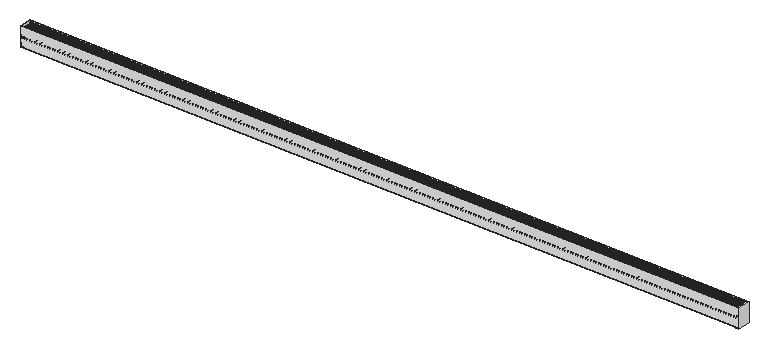
Revit family "STH21974BR_27_STH21974PTO_27", category Luminárias, Revit 2023
Family settings
  Hospedeiro = Forro
  Cota do conector redondo = Utilizar diâmetro
  Tipo de parte = Normal
  Número OmniClass = 23.80.70.11
  Título OmniClass = Luminaries for Internal Lighting
  Sempre na vertical = Sim
  Corte com vazios quando carregada = Não
  Fonte luminosa = Não
  Manter orientação da anotação = Não
  Compartilhado = Não
  Ponto de cálculo do ambiente = Não
Parameters (values of type "STH21974BR/27 - BRANCO - 2m - 2700K - 1700lm - 80°")
  Ângulo de Abertura = "80°"
  URL = "https://stella.com.br/"
  Tensão Elétrica = "24V"
  Temperatura da cor (K) = 2700 K
  Referência = "STH21974BR/27 - BRANCO - 2m"
  Potência = 46 W
  Modelo = "Archi"
  Luminoso = Luminoso - 2700K
  Largura = 0.035 m
  IRC (Índice de reprodução de cores) = ">93 (R9 >60)"
  Grau de proteção (IP) = "IP20"
  Fluxo Luminoso STH21974PTO/27 = no
  Fluxo Luminoso STH21974BR/27 = yes
  Fluxo Luminoso = 1700 lm
  Fabricante = "Stella"
  Estrutura = Al - Branco
  Elevação padrão = 0.00 m
  Dimerização = "Não dimerizável"
  Comprimento = 2.009 m
  Altura = 0.052 m
Types (3, lengths in m): name | Referência | Potência | IRC (Índice de reprodução de cores) | Fluxo Luminoso STH21974PTO/27 | Fluxo Luminoso STH21974BR/27 | Fluxo Luminoso | Estrutura
  (no name) | "STH21974BR/27 - BRANCO - 2m" | 46 W | ">93 (R9 >60)" | no | yes | 1700 lm | Al - Branco
  STH21974BR/27 - BRANCO - 2m - 2700K - 1700lm - 80° | "STH21974BR/27 - BRANCO - 2m" | 46 W | ">93 (R9 >60)" | no | yes | 1700 lm | Al - Branco
  STH21974PTO/27 - PRETO - 2m - 2700K - 1100lm - 80° | "STH21974PTO/27 - PRETO - 2m" | 56 W | ">93 (R9 >60)\r\n\r\n>93 (R9 >60)\r\n\r\n>93 (R9 >60)" | yes | no | 1100 lm | Al - Preto
Reference planes (m)
  plane 1 "Eixo de origem da luz (F/T)": y = 0
  plane 2 "Forro": z = 2.4384
  plane 3 "Eixo de origem da luz (E/D)": x = 0
  plane 4 "Elevação da origem da luz": z = 2.38298
  plane 5: y = 0.0175
  plane 6: y = -0.0175
  plane 7: x = -1.0045
  plane 8: x = 1.0045
  plane 9 "Inferior": z = 2.3864
  plane 10 "Superior": z = 2.4384
  plane 11 "Conector": z = 2.4079
Forms (m)
  Extrusion 1, solid, material "Al - Branco" <- "Estrutura"
    sketch origin (0, 0.05, -0.051) x (0, 1, 0) y (0, 0, 1)
      loop
        line (-0.057, 2.4865) -> (-0.057, 2.4824) -> (-0.0657, 2.4824) -> (-0.0657, 2.4851) -> (-0.064617, 2.4851)
        arc (-0.064617, 2.4851) -> (-0.064195, 2.485209) -> (-0.064, 2.4856) r 0.000526
        line (-0.064, 2.4856) -> (-0.0649, 2.4865) -> (-0.0657, 2.4865) -> (-0.0657, 2.4894) -> (-0.0675, 2.4894) -> (-0.0675, 2.437816)
        spline (-0.0675, 2.437816) -> (-0.067483, 2.437708) -> (-0.067433, 2.437608) -> (-0.067353, 2.437522) -> (-0.067249, 2.437456) -> (-0.067129, 2.437414) -> (-0.066999, 2.4374) -> (-0.066869, 2.437414) -> (-0.066748, 2.437456) -> (-0.066644, 2.437522) -> (-0.066565, 2.437608) -> (-0.066515, 2.437708) -> (-0.066498, 2.437816)
        arc (-0.066498, 2.437816) -> (-0.066249, 2.448427) -> (-0.065502, 2.459016) r 0.226065
        line (-0.065502, 2.459016) -> (-0.065502, 2.4599) -> (-0.064569, 2.4599) -> (-0.063948, 2.460459) -> (-0.063948, 2.461259) -> (-0.064708, 2.461943) -> (-0.065726, 2.461943) -> (-0.065726, 2.463897) -> (-0.062675, 2.463897) -> (-0.062675, 2.465043)
        arc (-0.062675, 2.465043) -> (-0.06299, 2.465508) -> (-0.063539, 2.465386) r 0.0005
        arc (-0.063539, 2.465386) -> (-0.065939, 2.466123) -> (-0.063894, 2.467579) r 0.0014
        arc (-0.063894, 2.467579) -> (-0.063198, 2.46782) -> (-0.063426, 2.46852) r 0.000525
        arc (-0.063426, 2.46852) -> (-0.064251, 2.468777) -> (-0.065115, 2.468732) r 0.00245
        arc (-0.065115, 2.468732) -> (-0.06554, 2.468851) -> (-0.065726, 2.469252) r 0.000526
        line (-0.065726, 2.469252) -> (-0.065726, 2.4807) -> (-0.034274, 2.4807) -> (-0.034274, 2.469252)
        arc (-0.034274, 2.469252) -> (-0.03446, 2.468851) -> (-0.034885, 2.468732) r 0.000526
        arc (-0.034885, 2.468732) -> (-0.035749, 2.468777) -> (-0.036574, 2.46852) r 0.00245
        arc (-0.036574, 2.46852) -> (-0.036802, 2.46782) -> (-0.036106, 2.467579) r 0.000525
        arc (-0.036106, 2.467579) -> (-0.034061, 2.466123) -> (-0.036461, 2.465386) r 0.0014
        arc (-0.036461, 2.465386) -> (-0.03701, 2.465508) -> (-0.037325, 2.465043) r 0.0005
        line (-0.037325, 2.465043) -> (-0.037325, 2.463897) -> (-0.034274, 2.463897) -> (-0.034274, 2.461943) -> (-0.035292, 2.461943) -> (-0.036052, 2.461259) -> (-0.036052, 2.460459) -> (-0.035431, 2.4599) -> (-0.034498, 2.4599) -> (-0.034498, 2.459016)
        arc (-0.034498, 2.459016) -> (-0.033751, 2.448427) -> (-0.033502, 2.437816) r 0.226065
        spline (-0.033502, 2.437816) -> (-0.033485, 2.437708) -> (-0.033435, 2.437608) -> (-0.033356, 2.437522) -> (-0.033252, 2.437456) -> (-0.033131, 2.437414) -> (-0.033001, 2.4374) -> (-0.032871, 2.437414) -> (-0.032751, 2.437456) -> (-0.032647, 2.437522) -> (-0.032567, 2.437608) -> (-0.032517, 2.437708) -> (-0.0325, 2.437816)
        line (-0.0325, 2.437816) -> (-0.0325, 2.4894) -> (-0.0343, 2.4894) -> (-0.0343, 2.4865) -> (-0.0351, 2.4865) -> (-0.036, 2.4856)
        arc (-0.036, 2.4856) -> (-0.035805, 2.485209) -> (-0.035383, 2.4851) r 0.000526
        line (-0.035383, 2.4851) -> (-0.0343, 2.4851) -> (-0.0343, 2.4824) -> (-0.043, 2.4824) -> (-0.043, 2.4865) -> (-0.047, 2.4865) -> (-0.047, 2.4851) -> (-0.0448, 2.4851) -> (-0.0448, 2.4824) -> (-0.0552, 2.4824) -> (-0.0552, 2.4851) -> (-0.053, 2.4851) -> (-0.053, 2.4865) -> (-0.057, 2.4865)
    from -1.006 to 1.006
  Extrusion 2, solid, material "Al - Branco" <- "Estrutura"
    sketch origin (0, 0.05, -0.051) x (0, 1, 0) y (0, 0, 1)
      loop
        line (-0.0675, 2.4894) -> (-0.0675, 2.4374) -> (-0.0325, 2.4374) -> (-0.0325, 2.4894) -> (-0.0675, 2.4894)
    from 1.006 to 1.0075
  Extrusion 3, solid, material "Al - Branco" <- "Estrutura"
    sketch origin (0, 0.05, -0.051) x (0, 1, 0) y (0, 0, -1)
      loop
        line (-0.0675, -2.4894) -> (-0.0325, -2.4894) -> (-0.0325, -2.4374) -> (-0.0675, -2.4374) -> (-0.0675, -2.4894)
    from 1.006 to 1.0075
  Extrusion 4, solid, material "Luminoso - 2700K" <- "Luminoso"
    sketch origin (0, -0.035001, -0.026899) x (0, 1, 0) y (0, 0, 1)
      loop
        spline (0.050178, 2.434799) -> (0.050242, 2.434816) -> (0.050302, 2.434866) -> (0.050353, 2.434946) -> (0.050392, 2.435049) -> (0.050417, 2.43517) -> (0.050425, 2.435299) -> (0.050417, 2.435429) -> (0.050392, 2.435549) -> (0.050353, 2.435653) -> (0.050302, 2.435732) -> (0.050242, 2.435782) -> (0.050178, 2.435799)
        line (0.050178, 2.435799) -> (0.048899, 2.435799) -> (0.048899, 2.436798)
        arc (0.048899, 2.436798) -> (0.048978, 2.437198) -> (0.049222, 2.437525) r 0.000926
        arc (0.049222, 2.437525) -> (0.049517, 2.43814) -> (0.049459, 2.43882) r 0.0013
        arc (0.049459, 2.43882) -> (0.049267, 2.439195) -> (0.048989, 2.439511) r 0.001706
        arc (0.048989, 2.439511) -> (0.048434, 2.439666) -> (0.048101, 2.439195) r 0.0005
        spline (0.048101, 2.439195) -> (0.048182, 2.438919) -> (0.04831, 2.43876) -> (0.048398, 2.43866) -> (0.048476, 2.438566) -> (0.048535, 2.438436) -> (0.048528, 2.438294) -> (0.048453, 2.438172) -> (0.04836, 2.438073) -> (0.048261, 2.437981) -> (0.048139, 2.437871) -> (0.047974, 2.437708) -> (0.047899, 2.437506)
        line (0.047899, 2.437506) -> (0.047899, 2.435799) -> (0.022103, 2.435799) -> (0.022103, 2.437506)
        spline (0.022103, 2.437506) -> (0.022028, 2.437708) -> (0.021863, 2.437871) -> (0.021741, 2.437981) -> (0.021642, 2.438073) -> (0.02155, 2.438172) -> (0.021474, 2.438294) -> (0.021467, 2.438436) -> (0.021526, 2.438566) -> (0.021604, 2.43866) -> (0.021692, 2.43876) -> (0.02182, 2.438919) -> (0.021901, 2.439195)
        arc (0.021901, 2.439195) -> (0.021568, 2.439666) -> (0.021013, 2.439511) r 0.0005
        arc (0.021013, 2.439511) -> (0.020735, 2.439195) -> (0.020543, 2.43882) r 0.001706
        arc (0.020543, 2.43882) -> (0.020485, 2.43814) -> (0.02078, 2.437525) r 0.0013
        arc (0.02078, 2.437525) -> (0.021024, 2.437198) -> (0.021103, 2.436798) r 0.000926
        line (0.021103, 2.436798) -> (0.021103, 2.435799) -> (0.019824, 2.435799)
        spline (0.019824, 2.435799) -> (0.01976, 2.435782) -> (0.0197, 2.435732) -> (0.019649, 2.435653) -> (0.01961, 2.435549) -> (0.019585, 2.435429) -> (0.019577, 2.435299) -> (0.019585, 2.43517) -> (0.01961, 2.435049) -> (0.019649, 2.434946) -> (0.0197, 2.434866) -> (0.01976, 2.434816) -> (0.019824, 2.434799)
        line (0.019824, 2.434799) -> (0.050178, 2.434799)
    from -1.006 to 1.006
Cuts and joins
  joined: Extrusion 1, Extrusion 2, Extrusion 3
Dimensions and locks (m)
  equal spacing: host sketch curve, plane 3 "Eixo de origem da luz (E/D)", host sketch curve
  equal spacing: host sketch curve, plane 1 "Eixo de origem da luz (F/T)", host sketch curve
  host sketch curve to host sketch curve = 2.025 m
  host sketch curve to host sketch curve = 0.047 m
  "Altura": plane 10 "Superior" to plane 9 "Inferior"
  "Comprimento": plane 7 to plane 8
  "Largura": plane 5 to plane 6
  aligned and locked: cut or joined group of Extrusion 1, Extrusion 2, Extrusion 3 to cut or joined group of Extrusion 1, Extrusion 2, Extrusion 3  (x2)
  aligned and locked: Extrusion 4 to cut or joined group of Extrusion 1, Extrusion 2, Extrusion 3  (x2)
Automatic sketch dimensions
  Extrusion 2 sketch curve to plane 2 "Forro" = 0.052 m
  Extrusion 2 sketch curve to plane 10 "Superior" = 0.00 m
  plane 1 "Eixo de origem da luz (F/T)" to Extrusion 2 sketch curve = 0.0175 m
  Extrusion 2 sketch curve to plane 1 "Eixo de origem da luz (F/T)" = 0.0175 m
  Extrusion 3 sketch curve to plane 2 "Forro" = 0.052 m
  Extrusion 3 sketch curve to plane 10 "Superior" = 0.00 m
  plane 1 "Eixo de origem da luz (F/T)" to Extrusion 3 sketch curve = 0.0175 m
  Extrusion 3 sketch curve to plane 1 "Eixo de origem da luz (F/T)" = 0.0175 m
  plane 6 to Extrusion 4 sketch curve = 0.002323 m
  Extrusion 4 sketch curve to Extrusion 4 sketch curve = 0.000354 m  (x2)
  Extrusion 4 sketch curve to Extrusion 4 sketch curve = 0.00128 m
  Extrusion 4 sketch curve to Extrusion 4 sketch curve = 0.000297 m
  Extrusion 4 sketch curve to Extrusion 4 sketch curve = 0.000363 m
  Extrusion 4 sketch curve to Extrusion 4 sketch curve = 0.0005 m  (x2)
  Extrusion 4 sketch curve to Extrusion 4 sketch curve = 0.000339 m
  Extrusion 4 sketch curve to Extrusion 4 sketch curve = 0.000381 m  (x2)
  Extrusion 4 sketch curve to plane 5 = 0.004645 m
  Extrusion 4 sketch curve to Extrusion 4 sketch curve = 0.000042 m
  Extrusion 4 sketch curve to Extrusion 4 sketch curve = 0.000245 m
  Extrusion 4 sketch curve to Extrusion 4 sketch curve = 0.001 m  (x3)
  Extrusion 4 sketch curve to Extrusion 4 sketch curve = 0.000925 m
  Extrusion 4 sketch curve to Extrusion 4 sketch curve = 0.00 m  (x2)
  Extrusion 4 sketch curve to Extrusion 4 sketch curve = 0.000998 m  (x2)
  Extrusion 4 sketch curve to Extrusion 4 sketch curve = 0.000024 m  (x2)
  Extrusion 4 sketch curve to Extrusion 4 sketch curve = 0.000709 m  (x2)
  Extrusion 4 sketch curve to Extrusion 4 sketch curve = 0.000729 m  (x2)
  Extrusion 4 sketch curve to Extrusion 4 sketch curve = 0.000139 m  (x2)
  Extrusion 4 sketch curve to Extrusion 4 sketch curve = 0.000821 m  (x2)
  Extrusion 4 sketch curve to Extrusion 4 sketch curve = 0.000858 m
  Extrusion 4 sketch curve to Extrusion 4 sketch curve = 0.000388 m
  Extrusion 4 sketch curve to Extrusion 4 sketch curve = 0.000323 m
  Extrusion 1 sketch curve to Extrusion 1 sketch curve = 0.00 m  (x10)
  Extrusion 1 sketch curve to plane 6 = 0.00 m
  Extrusion 1 sketch curve to plane 5 = 0.00 m
  plane 9 "Inferior" to Extrusion 1 sketch curve = 0.000421 m  (x2)
  Extrusion 1 sketch curve to plane 6 = 0.192067 m
  plane 6 to Extrusion 1 sketch curve = 0.001774 m  (x2)
  plane 6 to Extrusion 1 sketch curve = 0.0018 m
  Extrusion 1 sketch curve to Extrusion 1 sketch curve = 0.000026 m  (x2)
  plane 6 to Extrusion 1 sketch curve = 0.001998 m
  Extrusion 1 sketch curve to Extrusion 1 sketch curve = 0.000526 m  (x3)
  Extrusion 1 sketch curve to Extrusion 1 sketch curve = 0.0008 m  (x2)
  Extrusion 1 sketch curve to Extrusion 1 sketch curve = 0.001018 m
  Extrusion 1 sketch curve to Extrusion 1 sketch curve = 0.001083 m
  Extrusion 1 sketch curve to Extrusion 1 sketch curve = 0.000933 m  (x2)
  Extrusion 1 sketch curve to Extrusion 1 sketch curve = 0.001169 m
  Extrusion 1 sketch curve to Extrusion 1 sketch curve = 0.000092 m  (x2)
  Extrusion 1 sketch curve to Extrusion 1 sketch curve = 0.00076 m  (x2)
  Extrusion 1 sketch curve to Extrusion 1 sketch curve = 0.000889 m
  Extrusion 1 sketch curve to Extrusion 1 sketch curve = 0.001382 m  (x2)
  Extrusion 1 sketch curve to Extrusion 1 sketch curve = 0.0005 m  (x4)
  plane 1 "Eixo de origem da luz (F/T)" to Extrusion 1 sketch curve = 0.007 m
  Extrusion 1 sketch curve to Extrusion 1 sketch curve = 0.0018 m  (x2)
  Extrusion 1 sketch curve to Extrusion 1 sketch curve = 0.0022 m  (x2)
  Extrusion 1 sketch curve to plane 1 "Eixo de origem da luz (F/T)" = 0.003 m
  Extrusion 1 sketch curve to plane 5 = 0.004825 m
  Extrusion 1 sketch curve to Extrusion 1 sketch curve = 0.000493 m
  Extrusion 1 sketch curve to plane 5 = 0.003552 m
  Extrusion 1 sketch curve to plane 5 = 0.0035 m
  Extrusion 1 sketch curve to Extrusion 1 sketch curve = 0.000621 m
  Extrusion 1 sketch curve to Extrusion 1 sketch curve = 0.000374 m
  Extrusion 1 sketch curve to Extrusion 1 sketch curve = 0.001531 m
  Extrusion 1 sketch curve to plane 5 = 0.0018 m
  Extrusion 1 sketch curve to plane 5 = 0.001774 m
  plane 5 to Extrusion 1 sketch curve = 0.192067 m
  plane 9 "Inferior" to Extrusion 1 sketch curve = 0.000416 m  (x4)
  Extrusion 1 sketch curve to Extrusion 1 sketch curve = 0.000884 m  (x2)
  Extrusion 1 sketch curve to Extrusion 1 sketch curve = 0.000559 m  (x2)
  Extrusion 1 sketch curve to Extrusion 1 sketch curve = 0.000799 m  (x2)
  Extrusion 1 sketch curve to Extrusion 1 sketch curve = 0.000684 m  (x2)
  Extrusion 1 sketch curve to Extrusion 1 sketch curve = 0.001954 m  (x2)
  Extrusion 1 sketch curve to Extrusion 1 sketch curve = 0.001146 m  (x2)
  Extrusion 1 sketch curve to Extrusion 1 sketch curve = 0.001304 m  (x2)
  Extrusion 1 sketch curve to Extrusion 1 sketch curve = 0.001707 m  (x2)
  Extrusion 1 sketch curve to Extrusion 1 sketch curve = 0.001198 m  (x2)
  Extrusion 1 sketch curve to plane 10 "Superior" = 0.0087 m
  Extrusion 1 sketch curve to Extrusion 1 sketch curve = 0.0017 m  (x2)
  Extrusion 1 sketch curve to Extrusion 1 sketch curve = 0.0027 m  (x4)
  Extrusion 1 sketch curve to Extrusion 1 sketch curve = 0.0014 m  (x3)
  Extrusion 1 sketch curve to Extrusion 1 sketch curve = 0.000882 m
  Extrusion 1 sketch curve to plane 10 "Superior" = 0.00 m  (x2)
  Extrusion 1 sketch curve to Extrusion 1 sketch curve = 0.000085 m
  Extrusion 1 sketch curve to Extrusion 1 sketch curve = 0.000225 m
  Extrusion 1 sketch curve to Extrusion 1 sketch curve = 0.000243 m
  Extrusion 1 sketch curve to plane 2 "Forro" = 0.030384 m  (x2)
  Extrusion 4 sketch curve to plane 2 "Forro" = 0.0305 m
Nested families (m)
  nested 1: "Fluxo Luminoso_Archi_STH21974_BR_27" at (-0.525934, 0, 2.38298), visible <- "Fluxo Luminoso STH21974BR/27", type "Fluxo Luminoso_Archi_STH21974_BR_27"
  nested 2: "Fluxo Luminoso_Archi_STH21974_BR_27" at (0.525942, 0, 2.38298), visible <- "Fluxo Luminoso STH21974BR/27", type "Fluxo Luminoso_Archi_STH21974_BR_27"
  nested 3: "Fluxo Luminoso_Archi_STH21974_PTO_27" at (-0.525934, 0, 2.38298), visible <- "Fluxo Luminoso STH21974PTO/27", type "Fluxo Luminoso_Archi_STH21974_PTO_27"
  nested 4: "Fluxo Luminoso_Archi_STH21974_PTO_27" at (0.525942, 0, 2.38298), visible <- "Fluxo Luminoso STH21974PTO/27", type "Fluxo Luminoso_Archi_STH21974_PTO_27"
Connectors (m)
  electrical at (0, 0, 2.4079)
    settings: index 1, voltage 0 V, apparent load 0 VA, apparent load phase1 0 VA, apparent load phase2 0 VA, apparent load phase3 0 VA, power factor 1, load classification "Outro", number of poles 1, system type 31, power factor state 1, is connector primary yes, connector utility no, sub classification motor no, connector description ""
Definition of nested family "Fluxo Luminoso_Archi_STH21974_BR_27"
  Parameters (values of type "Fluxo Luminoso_Archi_STH21974_BR_27")
    Wattage = 5.72229 W
    built-in parameter 1150110 = 1 (stored number, unit not read)
    built-in parameter 1114217 = 1 (stored number, unit not read)
    built-in parameter 1150109 = 1 (stored number, unit not read)
    Default Elevation = 0.00 m
    built-in parameter 1150134 = (empty or 0)
    built-in parameter 1150113 = 1 (stored number, unit not read)
    Lumens = 850 lm
    Tilt Angle = 90.00°
    built-in parameter 1150115 = 1 (stored number, unit not read)
    built-in parameter 1150105 = 67.641 (stored number, unit not read)
    built-in parameter 1150137 = (empty or 0)
    built-in parameter 1150139 = (empty or 0)
    built-in parameter 1150112 = 1 (stored number, unit not read)
    built-in parameter 1150114 = 1 (stored number, unit not read)
    built-in parameter 1150132 = 2
    built-in parameter 1150102 = (empty or 0)
    built-in parameter 1150138 = (empty or 0)
    built-in parameter 1150107 = 2700 (stored number, unit not read)
    built-in parameter 1150106 = 0.67641 (stored number, unit not read)
    built-in parameter 1150104 = 13.8 (stored number, unit not read)
    Dimming Lamp Color Temperature Shift = (empty or 0)
    Color Filter = 16777215
    built-in parameter 1114218 = 1 (stored number, unit not read)
    Photometric Web File = "STELLA - STH21973BR-27 - ARCHI - PERFIL DE SOBREPOR RECUADO 35mm.ies"
    built-in parameter 1150133 = 10 (stored number, unit not read)
  Reference planes (m)
    plane 1 "Plano de inclinação (F/T)": y = 0
    plane 2: z = 0
    plane 3 "Eixo de origem da luz (E/D)": x = 0
    plane 4 "Elevação da origem da luz": z = 1.3716
  Text (m)
    text "Ângulo de inclinação de 0 graus" at (0.809978, -4.572, 1.586413), in view "Parte frontal"
    text "90" at (-0.194597, -4.572, 2.488248), in view "Parte frontal"
    text "180" at (-1.13068, -4.572, 1.586413), in view "Parte frontal"
    text "270" at (-0.320169, -4.572, 0.456265), in view "Parte frontal"
    text "Ângulo de inclinação de 0 graus" at (1.952354, 4.572, 1.54298), in view "Parte posterior"
    text "180" at (-0.876627, 4.572, 1.524796), in view "Parte posterior"
    text "90" at (0.296375, 4.572, 2.698908), in view "Parte posterior"
    text "270" at (0.421947, 4.572, 0.666926), in view "Parte posterior"
  Dimensions and locks (m)
    aligned and locked: level to plane 2
Definition of nested family "Fluxo Luminoso_Archi_STH21974_PTO_27"
  Parameters (values of type "Fluxo Luminoso_Archi_STH21974_PTO_27")
    Wattage = 3.70266 W
    built-in parameter 1150110 = 1 (stored number, unit not read)
    built-in parameter 1114217 = 1 (stored number, unit not read)
    built-in parameter 1150109 = 1 (stored number, unit not read)
    Default Elevation = 0.00 m
    built-in parameter 1150134 = (empty or 0)
    built-in parameter 1150113 = 1 (stored number, unit not read)
    Lumens = 550 lm
    Tilt Angle = 90.00°
    built-in parameter 1150115 = 1 (stored number, unit not read)
    built-in parameter 1150105 = 291.8 (stored number, unit not read)
    built-in parameter 1150137 = (empty or 0)
    built-in parameter 1150139 = (empty or 0)
    built-in parameter 1150112 = 1 (stored number, unit not read)
    built-in parameter 1150114 = 1 (stored number, unit not read)
    built-in parameter 1150132 = 2
    built-in parameter 1150102 = (empty or 0)
    built-in parameter 1150138 = (empty or 0)
    built-in parameter 1150107 = 2700 (stored number, unit not read)
    built-in parameter 1150106 = 2.918 (stored number, unit not read)
    built-in parameter 1150104 = 13.8 (stored number, unit not read)
    Dimming Lamp Color Temperature Shift = (empty or 0)
    Color Filter = 16777215
    built-in parameter 1114218 = 1 (stored number, unit not read)
    Photometric Web File = "STELLA - STH21973PTO-27 - ARCHI -PERFIL DE SOBREPOR 35mm.ies"
    built-in parameter 1150133 = 10 (stored number, unit not read)
  Reference planes (m)
    plane 1 "Plano de inclinação (F/T)": y = 0
    plane 2: z = 0
    plane 3 "Eixo de origem da luz (E/D)": x = 0
    plane 4 "Elevação da origem da luz": z = 1.3716
  Text (m)
    text "Ângulo de inclinação de 0 graus" at (0.809978, -4.572, 1.586413), in view "Parte frontal"
    text "90" at (-0.194597, -4.572, 2.488248), in view "Parte frontal"
    text "180" at (-1.13068, -4.572, 1.586413), in view "Parte frontal"
    text "270" at (-0.320169, -4.572, 0.456265), in view "Parte frontal"
    text "Ângulo de inclinação de 0 graus" at (1.952354, 4.572, 1.54298), in view "Parte posterior"
    text "180" at (-0.876627, 4.572, 1.524796), in view "Parte posterior"
    text "90" at (0.296375, 4.572, 2.698908), in view "Parte posterior"
    text "270" at (0.421947, 4.572, 0.666926), in view "Parte posterior"
  Dimensions and locks (m)
    aligned and locked: level to plane 2
